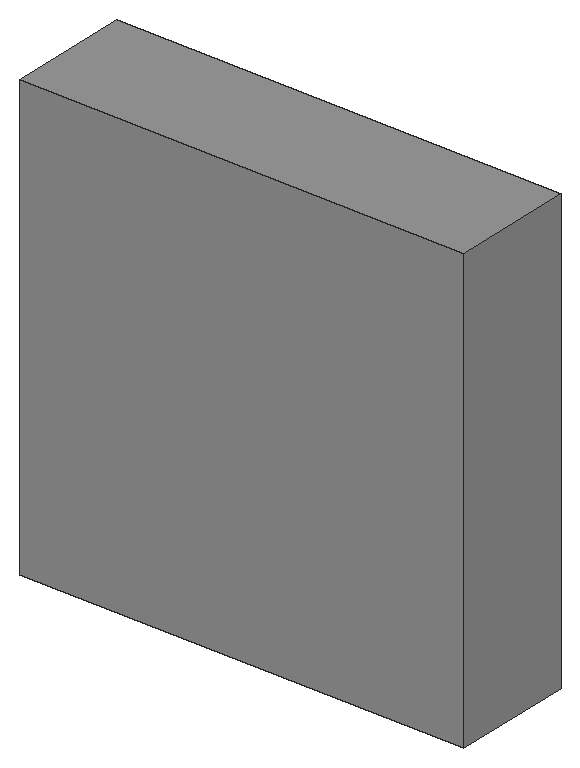
Revit family "BM_Oeffner_V1700", category Brandmelder, Revit 2017
Family settings
  Beschriftungsausrichtung beibehalten = Nein
  Bemaßung runder Anschluss = Durchmesser verwenden
  Teiletyp = Normal
  OmniClass-Nummer = 23.85.30.11
  OmniClass-Titel = Access Controls
  Arbeitsebenenbasiert = Nein
  Immer vertikal = Ja
  Beim Laden mit Abzugskörper schneiden = Ja
  Gemeinsam genutzt = Nein
  Raumberechnungspunkt = Nein
Parameters (values of type "Oeffner_RWA")
  Öffner (RWA) = yes
  pbr_Material_KZ = ""
  pbr_Material = none
  pbr_E_Typ = ""
  pbr_E_KZ = ""
  pbr_DINBild = 0
  pbr_Bild = 0
  pbr_3Dx_Delta_Korrekturversatz [instance] = 0 mm
  pbr_3DX_Versatzfaktor [instance] = 0
  pbr_2DY_Versatzfaktor [instance] = 0
  pbr_2DX_Versatzfaktor [instance] = 0
  lfd_STRK [instance] = 0
  Zentrale [instance] = ""
  Winkel [instance] = 0.00°
  Typ [instance] = ""
  Tiefe = 37 mm
  Text3 [instance] = ""
  Text2 [instance] = ""
  Text1 [instance] = ""
  Spannung [instance] = 0
  Scheinleistung [instance] = 0 VA
  Polig [instance] = 1
  Planungsbüro Osnabrück = "www.pbr.de"
  Netzart = ""
  Nennstrom [instance] = 0
  Menge (Dosenzahl) [instance] = 1
  Länge = 135 mm
  Loop [instance] = ""
  Linie/Anschluss [instance] = ""
  Leistungsfaktor [instance] = 0
  Lastklassifizierung = none
  Installationsart = ""
  Info [instance] = ""
  Gewerk [instance] = "RWA"
  Eckversatz [instance] = 0 mm
  YFrontversatz [instance] = if(pbr_2DY_Versatzfaktor = 300, 0 mm, pbr_2DY_Versatzfaktor * 300 mm)  # 0 mm
  XSeitenversatz [instance] = if(pbr_2DX_Versatzfaktor = 0, 3000 mm, 3000 mm + (pbr_2DX_Versatzfaktor * 300 mm)) + Eckversatz  # 3000 mm
  X3Dversatz [instance] = if([3DX_Versatzkontrolle] = 0, 2000 mm, 2000 mm + ([3DX_Versatzkontrolle] * (300 mm - Breite))) + pbr_3Dx_Delta_Korrekturversatz  # 2000 mm
  Niveau [instance] = 1200 mm
  Bus [instance] = ""
  Breite = 135 mm
  Betriebsstrom ruhe [instance] = 0
  Betriebsstrom max [instance] = 0
  3DX_Versatzkontrolle [instance] = if(pbr_3DX_Versatzfaktor = 0, (pbr_2DX_Versatzfaktor * -1), (((-1 * pbr_3DX_Versatzfaktor) + pbr_2DX_Versatzfaktor) * -1))  # 0
Reference planes
  plane 1 "Mitte (Vorne/Hinten)": y = 0
  plane 2: z = 0
  plane 3 "Mitte (Links/Rechts)": x = 22.5
  plane 4: x = -127.5
  plane 5: x = 172.5
  plane 6: y = 300
  plane 7 "Schalterhinten": y = 0
  plane 8: x = -2977.5
  plane 9: x = 22.5
  plane 10: x = -1977.5
  plane 11: x = -45
  plane 12: x = 90
  plane 13: z = 1267.5
  plane 14: z = 1132.5
  plane 15 "SchalterVorne": y = 37
  plane 16 "3DMitte": x = 22.5
  plane 17 "Achse": z = 1200
  plane 18: z = 1225
  plane 19: z = 1175
  plane 20 "2DMitte": y = 150
Forms (mm)
  Extrusion 1, solid, material "Stahl, weich, geschweißt"
    sketch origin (0, 20, 0) x (0, 0, 1) y (-1, 0, 0)
      loop
        line (1132.5, 45) -> (1132.5, -90) -> (1267.5, -90) -> (1267.5, 45) -> (1132.5, 45)
    from -17 to 20
Dimensions and locks
  locked: plane 6 to plane 7 "Schalterhinten" at 300
  "XSeitenversatz": plane 8 to plane 9
  plane 8 to plane 3 "Mitte (Links/Rechts)" = 3000 mm
  "YFrontversatz": plane 1 "Mitte (Vorne/Hinten)" to plane 7 "Schalterhinten"
  "Breite": plane 12 to plane 11
  "Länge": plane 13 to plane 14
  plane 9 to plane 10 = 2000 mm
  equal spacing: plane 12, plane 16 "3DMitte", plane 11
  "X3Dversatz": plane 16 "3DMitte" to plane 10
  equal spacing: plane 13, plane 17 "Achse", plane 14
  "Niveau": plane 17 "Achse" to level
  "Tiefe": plane 15 "SchalterVorne" to plane 1 "Mitte (Vorne/Hinten)"
  plane 13 to plane 18 = 42.5 mm
  plane 19 to plane 14 = 42.5 mm
  equal spacing: plane 4, plane 9, plane 5, locked at 150 each
  locked: plane 4 to plane 5 at 300
  equal spacing: plane 6, plane 20 "2DMitte", plane 7 "Schalterhinten", locked at 150 each
  aligned and locked: level to plane 2
  aligned and locked: Extrusion 1 sketch curve to plane 14
  aligned and locked: Extrusion 1 sketch curve to plane 11
  aligned and locked: Extrusion 1 sketch curve to plane 13
  aligned and locked: plane 12 to Extrusion 1 sketch curve
  aligned and locked: plane 1 "Mitte (Vorne/Hinten)" to Extrusion 1
  aligned and locked: Extrusion 1 to plane 15 "SchalterVorne"
  aligned and locked: nested 1 to plane 9
  aligned and locked: nested 1 to plane 7 "Schalterhinten"
Nested families
  nested 1: "Öffner (RWA)" at (22.5, 0, 0), visible <- "Öffner (RWA)", type "Elektrischer Türöffner"
Connectors
  electrical at (22.5, 0, 1200)
    settings: on Extrusion 1, index 1, voltage 0 V, apparent load 0 VA, apparent load phase1 0 VA, apparent load phase2 0 VA, apparent load phase3 0 VA, power factor 1, load classification "Sonstige", number of poles 1, system type 11, power factor state 1, is connector primary yes, connector utility no, sub classification motor no, connector description ""
Definition of nested family "Öffner (RWA)"
  Parameters (values of type "Elektrischer Türöffner")
    Zutrittskontrolle = no
    Zeiterfassung = no
    Videosprechstelle Innen = no
    Videosprechstelle Außen = no
    Klingeltableau = no
    Fluchttüröffner = no
    Elektrischer Türöffner = yes
  Reference planes
    plane 1 "Mitte (Vorne/Hinten)": y = 0
    plane 2: z = 0
    plane 3 "Mitte (Links/Rechts)": x = 0
    plane 4: x = 0
    plane 5: y = 0
    plane 6: y = 0, in view "Referenzebene"
    plane 7: x = 18.473, in view "Referenzebene"
    plane 8: y = 135, in view "Referenzebene"
  Lines and regions (mm)
    Filled region 1, type "Flächenfüllung 82 0 165", in view "Referenzebene"
      outline origin (237.06, -77.667, 0) x (1, 0, 0) y (0, 1, 0)
        loop
          line (-248.487, 253.893) -> (-198.29, 166.95) -> (-148.093, 253.893) -> (-248.487, 253.893)
        loop
          line (-227.181, 171.179) -> (-275.263, 254.459) -> (-323.345, 171.179) -> (-227.181, 171.179)
    detail lines, in view "Referenzebene"
      curve 1: line (-101.25, 236.25, 0) -> (101.25, 236.25, 0)
      curve 2: line (101.25, 236.25, 0) -> (101.25, 33.75, 0)
      curve 3: line (101.25, 33.75, 0) -> (-101.25, 33.75, 0)
      curve 4: line (-101.25, 33.75, 0) -> (-101.25, 236.25, 0)
      curve 5: line (135, 0, 0) -> (-135, 0, 0)
      curve 6: line (-135, 0, 0) -> (-135, 270, 0)
      curve 7: line (-135, 270, 0) -> (135, 270, 0)
      curve 8: line (135, 270, 0) -> (135, 0, 0)
